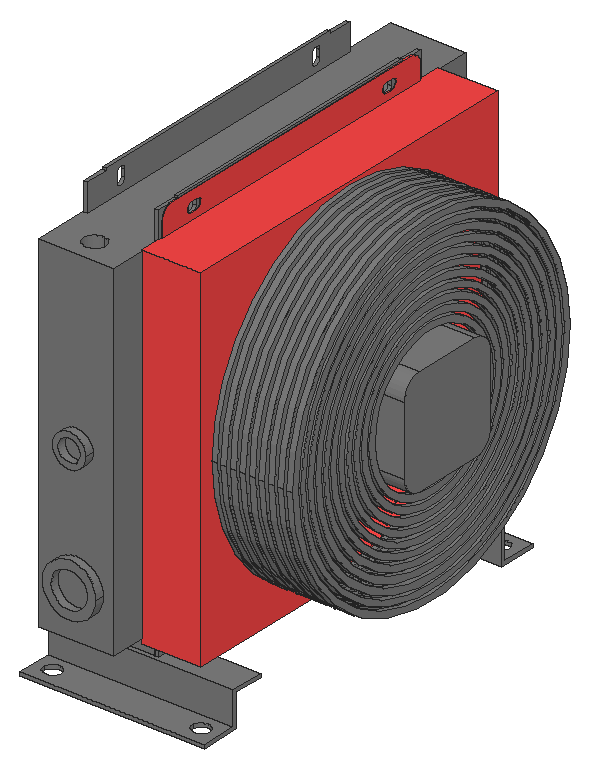
Revit family "MIT-A15Y-01", category Specialty Equipment, Revit 2022
Family settings
  Round Connector Dimension = Use Radius
  Part Type = Normal
  Work Plane-Based = No
  Always vertical = Yes
  Cut with Voids When Loaded = No
  Maintain Annotation Orientation = No
  Shared = No
  Room Calculation Point = No
Parameters
  URL = "https://en.ekinendustriyel.com/fan-driven-oil-coolers"
  Model = "MIT-A15Y-01"
  Manufacturer = "Ekin Endüstriyel"
  Keynote = "Fan Driven Oil Coolers"
  Description = "MIT- Fan Driven Oil Coolers"
  Default Elevation = 0 mm
Reference planes
  plane 1 "Center (Front/Back)": y = 0
  plane 2: z = 0
  plane 3 "Center (Left/Right)": x = 0
Forms (mm)
  Extrusion 1, solid, material "Ekin Endustriyel-S235JR", detail levels medium+fine
    sketch origin (0, -0.99, 0) x (0, 1, 0) y (0, 0, 1)
      loop
        line (185.557, 343.897) -> (-184.441, 343.897) -> (-184.441, 52.19) -> (185.557, 52.19) -> (185.557, 343.897)
      loop
        line (145.539, 325.147) -> (-144.461, 325.147) -> (-144.461, 315.747) -> (145.539, 315.747) -> (145.539, 325.147)
      loop
        line (145.539, 315.247) -> (-144.461, 315.247) -> (-144.461, 305.847) -> (145.539, 305.847) -> (145.539, 315.247)
      loop
        line (145.539, 301.597) -> (-144.461, 301.597) -> (-144.461, 292.197) -> (145.539, 292.197) -> (145.539, 301.597)
      loop
        line (145.539, 287.947) -> (-144.461, 287.947) -> (-144.461, 278.547) -> (145.539, 278.547) -> (145.539, 287.947)
      loop
        line (145.539, 274.297) -> (-144.461, 274.297) -> (-144.461, 264.897) -> (145.539, 264.897) -> (145.539, 274.297)
      loop
        line (145.539, 260.647) -> (-144.461, 260.647) -> (-144.461, 251.247) -> (145.539, 251.247) -> (145.539, 260.647)
      loop
        line (145.539, 246.997) -> (-144.461, 246.997) -> (-144.461, 237.597) -> (145.539, 237.597) -> (145.539, 246.997)
      loop
        line (145.539, 233.347) -> (-144.461, 233.347) -> (-144.461, 223.947) -> (145.539, 223.947) -> (145.539, 233.347)
      loop
        line (145.539, 219.697) -> (-144.461, 219.697) -> (-144.461, 210.297) -> (145.539, 210.297) -> (145.539, 219.697)
      loop
        line (145.539, 206.047) -> (-144.461, 206.047) -> (-144.461, 196.647) -> (145.539, 196.647) -> (145.539, 206.047)
      loop
        line (145.539, 192.397) -> (-144.461, 192.397) -> (-144.461, 182.997) -> (145.539, 182.997) -> (145.539, 192.397)
      loop
        line (145.539, 178.747) -> (-144.461, 178.747) -> (-144.461, 169.347) -> (145.539, 169.347) -> (145.539, 178.747)
      loop
        line (145.539, 165.097) -> (-144.461, 165.097) -> (-144.461, 155.697) -> (145.539, 155.697) -> (145.539, 165.097)
      loop
        line (145.539, 151.447) -> (-144.461, 151.447) -> (-144.461, 142.047) -> (145.539, 142.047) -> (145.539, 151.447)
      loop
        line (145.539, 137.797) -> (-144.461, 137.797) -> (-144.461, 128.397) -> (145.539, 128.397) -> (145.539, 137.797)
      loop
        line (145.539, 124.147) -> (-144.461, 124.147) -> (-144.461, 114.747) -> (145.539, 114.747) -> (145.539, 124.147)
      loop
        line (145.539, 110.497) -> (-144.461, 110.497) -> (-144.461, 101.097) -> (145.539, 101.097) -> (145.539, 110.497)
      loop
        line (145.539, 96.847) -> (-144.461, 96.847) -> (-144.461, 87.447) -> (145.539, 87.447) -> (145.539, 96.847)
      loop
        line (145.539, 83.197) -> (-144.461, 83.197) -> (-144.461, 73.797) -> (145.539, 73.797) -> (145.539, 83.197)
      loop
        line (145.539, 69.547) -> (-144.461, 69.547) -> (-144.461, 60.147) -> (145.539, 60.147) -> (145.539, 69.547)
    from 0 to 63.204
  Extrusion 2, solid, material "Ekin Endustriyel-S235JR", detail levels medium+fine
    sketch origin (0, 69.567, 60.74) x (1, 0, 0) y (0, 0, 1)
      loop
        circle (31.5, 243.108) r 15.425
      loop
        arc (10.562, 251.344) -> (22.387, 222.536) -> (51.669, 233.135) r 22.5
        arc (51.669, 233.135) -> (40.613, 263.68) -> (10.562, 251.344) r 22.5
    from -104.01 to -121.982
  Extrusion 3, solid, material "Ekin Endustriyel-S235JR", detail levels medium+fine
    sketch origin (0, 0, 1.562) x (1, 0, 0) y (0, 0, 1)
      loop
        circle (31.5, 92.335) r 15.375
      loop
        circle (31.5, 92.335) r 22.5
    from 185.431 to 192.451
  Extrusion 4, solid, material "Ekin Endustriyel_S235JR", detail levels medium+fine
    sketch origin (0, 0, 0) x (0, 1, 0) y (0, 0, 1)
      loop
        line (-155.968, 48.69) -> (155.077, 48.69) -> (155.077, 345.391) -> (-155.968, 345.391) -> (-155.968, 48.69)
      loop
        circle (-0.312, 198.918) r 140.112
    from 63.204 to 113
  Extrusion 5, solid, material "Ekin Endustriyel_S235JR", detail levels medium+fine
    sketch origin (61.704, 0, 61.923) x (0, 1, 0) y (0, 0, 1)
      loop
        line (-135.451, 283.475) -> (134.549, 283.475) -> (134.549, 295.975)
        arc (134.549, 295.975) -> (131.62, 303.046) -> (124.549, 305.975) r 10
        line (124.549, 305.975) -> (-125.451, 305.975)
        arc (-125.451, 305.975) -> (-132.522, 303.046) -> (-135.451, 295.975) r 10
        line (-135.451, 295.975) -> (-135.451, 283.475)
      loop
        arc (-105.951, 297.975) -> (-110.451, 293.475) -> (-105.951, 288.975) r 4.5
        line (-105.951, 288.975) -> (-99.951, 288.975)
        arc (-99.951, 288.975) -> (-95.451, 293.475) -> (-99.951, 297.975) r 4.5
        line (-99.951, 297.975) -> (-105.951, 297.975)
      loop
        arc (99.049, 297.975) -> (94.549, 293.475) -> (99.049, 288.975) r 4.5
        line (99.049, 288.975) -> (105.049, 288.975)
        arc (105.049, 288.975) -> (109.549, 293.475) -> (105.049, 297.975) r 4.5
        line (105.049, 297.975) -> (99.049, 297.975)
    from 1.5 to 2.796
  Sweep 6, solid, material "Ekin Endustriyel-S235JR", detail levels fine
    path origin (0, 67.033, 0) x (0, -1, 0) y (0, 0, -1)
      loop
        line (-46.699, -27.914) -> (-72.243, -27.914) -> (-72.243, -0.156) -> (-105.035, -0.156)
    profile origin (0, 126.504, 27.914) x (0, 0, 1) y (1, 0, 0)
      loop
        line (0, -26.08) -> (2.995, -26.08) -> (2.995, 128.954) -> (0, 128.954) -> (0, -26.08)
  Extrusion 7, void
    sketch origin (0, 67.033, 0) x (1, 0, 0) y (0, 1, 0)
      loop
        circle (114.023, 89.973) r 7.5
      loop
        circle (-10.967, 89.973) r 7.5
      loop
        circle (51.5, 60.016) r 4.2
      loop
        circle (11.5, 60.016) r 4.2
    from -5.013 to 37.897
  Extrusion 8, solid, material "Ekin Endustriyel-S235JR", detail levels fine
    sketch origin (0, 139.233, 0) x (1, 0, 0) y (0, 0, 1)
      loop
        line (3, 29.185) -> (60, 29.185) -> (60, 52.19) -> (3, 52.19) -> (3, 29.185)
    from 2.184 to 4.2
  Extrusion 9, solid, material "Ekin Endustriyel-S235JR", detail levels coarse
    sketch origin (0, 0, 0) x (0, 1, 0) y (0, 0, 1)
      loop
        line (184.567, 343.897) -> (-185.431, 343.897) -> (-185.431, 52.19) -> (-137.951, 52.19) -> (-137.951, 0) -> (137.049, 0) -> (137.049, 52.19) -> (184.567, 52.19) -> (184.567, 343.897)
    from 0 to 63.204
  Extrusion 10, solid, material "Ekin Endustriyel_S235JR", detail levels coarse
    sketch origin (0, 0, 0) x (0, 1, 0) y (0, 0, 1)
      loop
        line (-155.968, 345.391) -> (-155.968, 48.69) -> (155.077, 48.69) -> (155.077, 345.391) -> (-155.968, 345.391)
    from 63.204 to 113
  Extrusion 11, void
    sketch origin (0, -304.823, 219.54) x (1, 0, 0) y (0, 1, 0)
      loop
        circle (31.5, 139.375) r 9.3
    from 77.35 to 131.357
  Extrusion 12, solid, material "Ekin Endustriyel-S235JR"
    sketch origin (0, 0, 0) x (0, 1, 0) y (0, 0, 1)
      loop
        arc (-29.451, 243.897) -> (-40.765, 239.211) -> (-45.451, 227.897) r 16
        line (-45.451, 227.897) -> (-45.451, 169.897)
        arc (-45.451, 169.897) -> (-40.765, 158.584) -> (-29.451, 153.897) r 16
        line (-29.451, 153.897) -> (28.549, 153.897)
        arc (28.549, 153.897) -> (39.863, 158.584) -> (44.549, 169.897) r 16
        line (44.549, 169.897) -> (44.549, 227.897)
        arc (44.549, 227.897) -> (39.863, 239.211) -> (28.549, 243.897) r 16
        line (28.549, 243.897) -> (-29.451, 243.897)
    from 113 to 195.209
  Extrusion 13, solid, material "Ekin Endustriyel-S235JR", detail levels fine
    sketch origin (0, 0, 59.372) x (0, 1, 0) y (0, 0, 1)
      loop
        line (137.049, 284.525) -> (137.049, 307.525) -> (117.049, 307.525) -> (117.049, 309.525) -> (-117.951, 309.525) -> (-117.951, 307.525) -> (-137.951, 307.525) -> (-137.951, 284.525) -> (137.049, 284.525)
      loop
        line (106.549, 294.025) -> (106.549, 300.025)
        arc (106.549, 300.025) -> (102.049, 304.525) -> (97.549, 300.025) r 4.5
        line (97.549, 300.025) -> (97.549, 294.025)
        arc (97.549, 294.025) -> (102.049, 289.525) -> (106.549, 294.025) r 4.5
      loop
        line (-98.451, 294.025) -> (-98.451, 300.025)
        arc (-98.451, 300.025) -> (-102.951, 304.525) -> (-107.451, 300.025) r 4.5
        line (-107.451, 300.025) -> (-107.451, 294.025)
        arc (-107.451, 294.025) -> (-102.951, 289.525) -> (-98.451, 294.025) r 4.5
    from 0 to 3
  Extrusion 14, solid, material "Ekin Endustriyel-S235JR", detail levels fine
    sketch origin (0, 0, 333.802) x (0, 1, 0) y (0, 0, 1)
      loop
        line (137.049, -281.612) -> (-137.951, -281.612) -> (-137.951, -302.893) -> (-113.732, -302.893) -> (-113.732, -304.905) -> (113.732, -304.905) -> (113.732, -302.893) -> (137.049, -302.893) -> (137.049, -281.612)
      loop
        arc (106.549, -289.405) -> (102.049, -284.905) -> (97.549, -289.405) r 4.5
        line (97.549, -289.405) -> (97.549, -295.405)
        arc (97.549, -295.405) -> (102.049, -299.905) -> (106.549, -295.405) r 4.5
        line (106.549, -295.405) -> (106.549, -289.405)
      loop
        arc (-98.451, -289.405) -> (-102.951, -284.905) -> (-107.451, -289.405) r 4.5
        line (-107.451, -289.405) -> (-107.451, -295.405)
        arc (-107.451, -295.405) -> (-102.951, -299.905) -> (-98.451, -295.405) r 4.5
        line (-98.451, -295.405) -> (-98.451, -289.405)
    from 0 to 3
  Extrusion 15, solid, material "Ekin Endustriyel-S235JR", detail levels medium+fine
    sketch origin (0, 0, 0) x (0, 1, 0) y (0, 0, 1)
      loop
        circle (-0.312, 198.918) r 145
      loop
        circle (-0.312, 198.918) r 140.112
      loop
        circle (-0.312, 198.918) r 136.88
      loop
        circle (-0.312, 198.918) r 132.24
      loop
        circle (-0.312, 198.918) r 129.34
      loop
        circle (-0.312, 198.918) r 124.12
      loop
        circle (-0.312, 198.918) r 121.21
      loop
        circle (-0.312, 198.918) r 116
      loop
        circle (-0.312, 198.918) r 113.1
      loop
        circle (-0.312, 198.918) r 108.112
      loop
        circle (-0.312, 198.918) r 105.096
      loop
        circle (-0.312, 198.918) r 100.34
      loop
        circle (-0.312, 198.918) r 96.86
      loop
        circle (-0.312, 198.918) r 92.22
      loop
        circle (-0.312, 198.918) r 88.74
      loop
        circle (-0.312, 198.918) r 84.149
      loop
        circle (-0.312, 198.918) r 81.2
      loop
        circle (-0.312, 198.918) r 76
      loop
        circle (-0.312, 198.918) r 73.11
      loop
        circle (-0.312, 198.918) r 67.86
      loop
        circle (-0.312, 198.918) r 65.004
      loop
        circle (-0.312, 198.918) r 59.74
    from 176.773 to 181.653
  Extrusion 16, solid, material "Ekin Endustriyel-S235JR", detail levels medium+fine
    sketch origin (-7.804, 0, 0) x (0, 1, 0) y (0, 0, 1)
      loop
        circle (-0.312, 198.918) r 145
      loop
        circle (-0.312, 198.918) r 140.112
    from 176.777 to 181.83
  Extrusion 17, solid, material "Ekin Endustriyel-S235JR", detail levels coarse
    sketch origin (0, 0, 0) x (0, 1, 0) y (0, 0, 1)
      loop
        circle (-0.312, 198.918) r 145
    from 113 to 181.653
  Sweep 18, solid, material "Ekin Endustriyel-S235JR", detail levels fine
    path origin (0, -67.033, 0) x (0, 1, 0) y (0, 0, 1)
      loop
        line (-46.699, 27.914) -> (-72.243, 27.914) -> (-72.243, 0.156) -> (-105.035, 0.156)
    profile origin (0, -126.504, 27.914) x (0, 0, -1) y (1, 0, 0)
      loop
        line (0, -26.08) -> (0, 128.954) -> (-2.995, 128.954) -> (-2.995, -26.08) -> (0, -26.08)
  Extrusion 19, void
    sketch origin (0, -67.033, 0) x (1, 0, 0) y (0, 1, 0)
      loop
        circle (114.023, -89.973) r 7.5
      loop
        circle (-10.967, -89.973) r 7.5
      loop
        circle (51.5, -60.016) r 4.2
      loop
        circle (11.5, -60.016) r 4.2
    from -5.013 to 37.897
  Extrusion 20, solid, material "Ekin Endustriyel-S235JR", detail levels medium+fine
    sketch origin (-15.807, 0, 0) x (0, 1, 0) y (0, 0, 1)
      loop
        circle (-0.312, 198.918) r 145
      loop
        circle (-0.312, 198.918) r 140.112
    from 176.777 to 181.83
  Extrusion 21, solid, material "Ekin Endustriyel-S235JR", detail levels medium+fine
    sketch origin (-23.807, 0, 0) x (0, 1, 0) y (0, 0, 1)
      loop
        circle (-0.312, 198.918) r 145
      loop
        circle (-0.312, 198.918) r 140.112
    from 176.777 to 181.83
  Extrusion 22, solid, material "Ekin Endustriyel-S235JR", detail levels medium+fine
    sketch origin (-31.807, 0, 0) x (0, 1, 0) y (0, 0, 1)
      loop
        circle (-0.312, 198.918) r 145
      loop
        circle (-0.312, 198.918) r 140.112
    from 176.777 to 181.83
  Extrusion 23, solid, material "Ekin Endustriyel-S235JR", detail levels medium+fine
    sketch origin (-39.807, 0, 0) x (0, 1, 0) y (0, 0, 1)
      loop
        circle (-0.312, 198.918) r 145
      loop
        circle (-0.312, 198.918) r 140.112
    from 176.777 to 181.83
  Extrusion 24, solid, material "Ekin Endustriyel-S235JR", detail levels medium+fine
    sketch origin (-47.807, 0, 0) x (0, 1, 0) y (0, 0, 1)
      loop
        circle (-0.312, 198.918) r 145
      loop
        circle (-0.312, 198.918) r 140.112
    from 176.777 to 181.83
  Extrusion 25, solid, material "Ekin Endustriyel-S235JR", detail levels medium+fine
    sketch origin (-55.807, 0, 0) x (0, 1, 0) y (0, 0, 1)
      loop
        circle (-0.312, 198.918) r 145
      loop
        circle (-0.312, 198.918) r 140.112
    from 176.777 to 181.83
  Extrusion 26, solid, material "Ekin Endustriyel-S235JR", detail levels medium+fine
    sketch origin (-63.807, 0, 0) x (0, 1, 0) y (0, 0, 1)
      loop
        circle (-0.312, 198.918) r 145
      loop
        circle (-0.312, 198.918) r 140.112
    from 176.807 to 181.83
  Extrusion 27, solid, material "Ekin Endustriyel-S235JR", detail levels fine
    sketch origin (60, 0, 59.372) x (0, 1, 0) y (0, 0, 1)
      loop
        line (137.049, 284.525) -> (137.049, 307.525) -> (117.049, 307.525) -> (117.049, 309.525) -> (-117.951, 309.525) -> (-117.951, 307.525) -> (-137.951, 307.525) -> (-137.951, 284.525) -> (137.049, 284.525)
      loop
        line (106.549, 294.025) -> (106.549, 300.025)
        arc (106.549, 300.025) -> (102.049, 304.525) -> (97.549, 300.025) r 4.5
        line (97.549, 300.025) -> (97.549, 294.025)
        arc (97.549, 294.025) -> (102.049, 289.525) -> (106.549, 294.025) r 4.5
      loop
        line (-98.451, 294.025) -> (-98.451, 300.025)
        arc (-98.451, 300.025) -> (-102.951, 304.525) -> (-107.451, 300.025) r 4.5
        line (-107.451, 300.025) -> (-107.451, 294.025)
        arc (-107.451, 294.025) -> (-102.951, 289.525) -> (-98.451, 294.025) r 4.5
    from 0 to 3
  Extrusion 28, solid, material "Ekin Endustriyel-S235JR", detail levels fine
    sketch origin (60, 0, 333.802) x (0, 1, 0) y (0, 0, 1)
      loop
        line (137.049, -281.612) -> (-137.951, -281.612) -> (-137.951, -302.893) -> (-113.732, -302.893) -> (-113.732, -304.905) -> (113.732, -304.905) -> (113.732, -302.893) -> (137.049, -302.893) -> (137.049, -281.612)
      loop
        arc (106.549, -289.405) -> (102.049, -284.905) -> (97.549, -289.405) r 4.5
        line (97.549, -289.405) -> (97.549, -295.405)
        arc (97.549, -295.405) -> (102.049, -299.905) -> (106.549, -295.405) r 4.5
        line (106.549, -295.405) -> (106.549, -289.405)
      loop
        arc (-98.451, -289.405) -> (-102.951, -284.905) -> (-107.451, -289.405) r 4.5
        line (-107.451, -289.405) -> (-107.451, -295.405)
        arc (-107.451, -295.405) -> (-102.951, -299.905) -> (-98.451, -295.405) r 4.5
        line (-98.451, -295.405) -> (-98.451, -289.405)
    from 0 to 3
  Extrusion 29, solid, material "Ekin Endustriyel-S235JR", detail levels fine
    sketch origin (0, -133.751, 0) x (1, 0, 0) y (0, 0, 1)
      loop
        line (3, 29.185) -> (60, 29.185) -> (60, 52.19) -> (3, 52.19) -> (3, 29.185)
    from 2.184 to 4.2
  Extrusion 30, solid, material "Ekin Endustriyel_S235JR", detail levels medium+fine
    sketch origin (61.704, 0, 334.165) x (0, 1, 0) y (0, 0, 1)
      loop
        line (-135.451, -285.475) -> (-135.451, -293.256)
        arc (-135.451, -293.256) -> (-132.522, -300.327) -> (-125.451, -303.256) r 10
        line (-125.451, -303.256) -> (124.549, -303.256)
        arc (124.549, -303.256) -> (131.62, -300.327) -> (134.549, -293.256) r 10
        line (134.549, -293.256) -> (134.549, -285.475) -> (-135.451, -285.475)
      loop
        line (-105.951, -297.975) -> (-99.951, -297.975)
        arc (-99.951, -297.975) -> (-95.451, -293.475) -> (-99.951, -288.975) r 4.5
        line (-99.951, -288.975) -> (-105.951, -288.975)
        arc (-105.951, -288.975) -> (-110.451, -293.475) -> (-105.951, -297.975) r 4.5
      loop
        line (99.049, -297.975) -> (105.049, -297.975)
        arc (105.049, -297.975) -> (109.549, -293.475) -> (105.049, -288.975) r 4.5
        line (105.049, -288.975) -> (99.049, -288.975)
        arc (99.049, -288.975) -> (94.549, -293.475) -> (99.049, -297.975) r 4.5
    from 1.5 to 2.796
  Extrusion 31, solid, material "Ekin Endustriyel-S235JR", detail levels medium+fine
    sketch origin (0, 0, 106.562) x (1, 0, 0) y (0, 0, 1)
      loop
        circle (31.5, 92.335) r 9.5
      loop
        circle (31.5, 92.335) r 14.035
    from 185.431 to 192.451
Cuts and joins
  Extrusion 7, Extrusion 19 cuts Sweep 6
  Extrusion 7, Extrusion 11 cuts Extrusion 1
  Extrusion 7 cuts Extrusion 2
  Extrusion 7 cuts Extrusion 3
  Extrusion 19 cuts Sweep 18
Dimensions and locks
  aligned and locked: level to plane 2
Connectors
  piping at (31.5, 191.549, 303.847), diameter 25.4
    settings: on cut or joined group of Extrusion 2, Extrusion 7, index 5, connector inside diameter 609.6 mm, connector length 0 mm, flow factor 0, pipe flow 0.0 L/s, pressure drop 0.0 Pa, fitting loss kfactor 0, connector angle 0.00°, fixture units 0, engagement length 0 mm, angle of deflection 0.00°, flow configuration 0, flow direction 0, fitting loss method 0, system type 7, joint type 0, gender type 0, connector reference index -1, connector utility 0, adjustable connector no, is connector primary yes, connector description ""
  piping at (31.5, -192.451, 93.897), diameter 25.4
    settings: on cut or joined group of Extrusion 3, Extrusion 7, index 6, connector inside diameter 609.6 mm, connector length 0 mm, flow factor 0, pipe flow 0.0 L/s, pressure drop 0.0 Pa, fitting loss kfactor 0, connector angle 0.00°, fixture units 0, engagement length 0 mm, angle of deflection 0.00°, flow configuration 0, flow direction 0, fitting loss method 0, system type 7, joint type 0, gender type 0, connector reference index -1, connector utility 0, adjustable connector no, is connector primary no, connector description ""
  piping at (31.5, -192.451, 198.897), diameter 12.8
    settings: on Extrusion 31, index 7, connector inside diameter 609.6 mm, connector length 0 mm, flow factor 0, pipe flow 0.0 L/s, pressure drop 0.0 Pa, fitting loss kfactor 0, connector angle 0.00°, fixture units 0, engagement length 0 mm, angle of deflection 0.00°, flow configuration 0, flow direction 0, fitting loss method 0, system type 7, joint type 0, gender type 0, connector reference index -1, connector utility 0, adjustable connector no, is connector primary no, connector description ""
  piping at (31.5, -165.448, 343.897), diameter 18
    settings: on cut or joined group of Extrusion 1, Extrusion 7, Extrusion 11, index 8, connector inside diameter 609.6 mm, connector length 0 mm, flow factor 0, pipe flow 0.0 L/s, pressure drop 0.0 Pa, fitting loss kfactor 0, connector angle 0.00°, fixture units 0, engagement length 0 mm, angle of deflection 0.00°, flow configuration 0, flow direction 0, fitting loss method 0, system type 7, joint type 0, gender type 0, connector reference index -1, connector utility 0, adjustable connector no, is connector primary no, connector description ""
